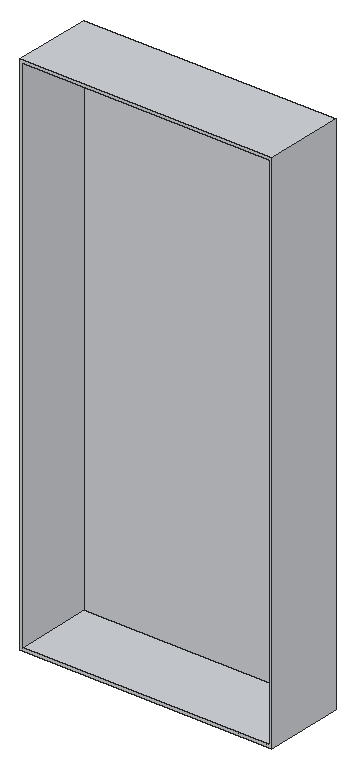
Revit family "Volta-IP30-Surface_mounted-empty-NoHosted-CH-en", category Electrical Equipment, Revit 2020
Family settings
  Panel Configuration = Two Columns, Circuits Across
  Round Connector Dimension = Use Diameter
  Part Type = Panelboard
  Work Plane-Based = Yes
  Always vertical = Yes
  Cut with Voids When Loaded = No
  Shared = No
  Room Calculation Point = No
Parameters (values of type "Surface mounted IP30 W305 H640 D96.5 12 Modular spacings - VA48MD")
  Width Control [instance] = if([HG000006 - Flush mounted], if([EF000846 - Built-in width] > min_whd, [EF000846 - Built-in width], min_whd), if([EF000008 - Width] > min_whd, ([EF000008 - Width]), min_whd))  # 305 mm
  Void Depth [instance] = if([EF000218 - Built-in depth] > 1 mm, [EF000218 - Built-in depth], 1 mm)  # 1 mm
  Type Comments = [HG000003 - Range]  # "Volta"
  System Height [instance] = Height Control - 2 * [HG000005 - Thickness]  # 634 mm
  Panel Name [instance] = ""  # (empty or 0)
  Offset [instance] = 0 mm
  Model = [HG000004 - Manufacturer reference]  # "VA48MD"
  Level Offset [instance] = [Flush Mounted - Door Frame Width] + Offset  # 0 mm
  HG000011 - Empty rows from bottom = no
  HG000005 - Thickness = 3 mm  # constant formula
  Description = ""
  Default Elevation = 1219.2 mm
  Arrow Offset [instance] = Depth Control / 8  # 12 mm
  Arrow Height [instance] = Depth Control - Arrow Offset  # 84 mm
  Host Offset [instance] = if([HG000006 - Flush mounted], 0 mm, [EF000049 - Depth])  # 96 mm
  min_whd [instance] = (2 * [HG000005 - Thickness]) + 1 mm  # 7 mm
  Manufacturer = "Hager"  # constant formula
  Height Control [instance] = if([HG000006 - Flush mounted], if([EF000332 - Built-in height] > min_whd, [EF000332 - Built-in height], min_whd), if([EF000040 - Height] > min_whd, ([EF000040 - Height]), min_whd))  # 640 mm
  HG000010 - Asymmetric doors = no
  HG000009 - Double swing door = no
  HG000008 - Number of empty rows = 0
  HG000007 - Number of empty columns = 0
  HG000006 - Flush mounted = no
  HG000004 - Manufacturer reference = "VA48MD"
  HG000003 - Range = "Volta"
  HG000002 - With door or cover = no
  HG000001 - Number of columns = 0
  Flush Mounted - Door Frame Width [instance] = if(([EF000040 - Height] - [EF000332 - Built-in height]) > 0 mm, if([HG000006 - Flush mounted], [EF000040 - Height] - [EF000332 - Built-in height], 0 mm), 0 mm)  # 0 mm
  EF015941 - Signal passing door = no
  EF015777 - Neutral terminal block = no
  EF015776 - Earthing terminal block = no
  EF009212 - Cover model = "EV009916 - With notch"
  EF006306 - With lock = no
  EF006244 - Transparent cover/door = no
  EF005474 - Degree of protection (IP) = "EV006410 - IP30"
  EF004462 - Type of closure = "0"
  EF002950 - Width in number of modular spacings = 12
  EF001596 - Material housing = "EV000154 - Other"
  EF001134 - DIN-rail = yes
  EF001131 - Internal depth = 92 mm
  EF001088 - Extension possible = yes
  EF001062 - EMC-version = no
  EF000846 - Built-in width = 0 mm
  EF000339 - Type of cover = "EV000494 - None"
  EF000332 - Built-in height = 0 mm
  EF000266 - Number of rows = 0
  EF000218 - Built-in depth = 0 mm
  EF000118 - With mounting plate = yes
  EF000116 - RAL-number = "9010"
  EF000049 - Depth = 96 mm
  EF000040 - Height = 640 mm
  EF000008 - Width = 305 mm
  EF000007 - Colour = "EV000202 - White"
  EF000003 - Mounting method = "EV000384 - Surface mounted (plaster)"
  Door_Right [instance] = yes
  Door_Left [instance] = not(Door_Right)  # no
  Door Swing Angle [instance] = 45.00°
  Door 3d Visibility [instance] = yes
  Depth Control [instance] = if([HG000006 - Flush mounted], if([EF000218 - Built-in depth] > 0 mm, [EF000218 - Built-in depth], 1 mm), if([EF000049 - Depth] > 0 mm, ([EF000049 - Depth]), 1 mm))  # 96 mm
  Clearance Visibility [instance] = no
Reference planes
  plane 1 "Center (Front/Back)": y = 0
  plane 2: z = 0
  plane 3 "Center (Left/Right)": x = 0
  plane 4: y = 3
  plane 5: y = 0
  plane 6: y = 0
  plane 7: z = 0
  plane 8: x = -152.5
  plane 9: x = 152.5
  plane 10: x = 149.5
  plane 11: x = -149.5
  plane 12: z = 0
  plane 13: z = 3
  plane 14: y = -91
  plane 15: y = -96
  plane 16: y = -3
  plane 17: z = 637
  plane 18: z = 640
  plane 19: z = 320
  plane 20: x = 2000
  plane 21: x = 0
  plane 22: y = -2100
  plane 23: y = -100
Forms (mm)
  Extrusion 1, solid
    sketch origin (-208.679, -4572, 0) x (-1, 0, 0) y (0, -1, 0)
      loop
        line (-56.179, -4476) -> (-361.179, -4476) -> (-361.179, -4572) -> (-56.179, -4572) -> (-56.179, -4476)
    from 0 to 640 <- "Height Control"
  Extrusion 2, void
    sketch origin (-350.771, -96, 1219.2) x (1, 0, 0) y (0, 0, 1)
      loop
        line (201.271, -582.2) -> (201.271, -1216.2) -> (500.271, -1216.2) -> (500.271, -582.2) -> (201.271, -582.2)
    from 0 to -93
  Extrusion 3, solid, detail levels coarse
    sketch origin (-350.771, -96, 1219.2) x (-1, 0, 0) y (0, 0, 1)
      loop
        line (-201.271, -582.2) -> (-500.271, -582.2) -> (-500.271, -1216.2) -> (-201.271, -1216.2) -> (-201.271, -582.2)
    from 0 to 3 <- "HG000005 - Thickness"
Cuts and joins
  Extrusion 2 cuts Extrusion 1
Dimensions and locks
  "Flush Mounted - Door Frame Width": plane 1 "Center (Front/Back)" to plane 6
  "HG000005 - Thickness": plane 4 to plane 6
  "HG000005 - Thickness": plane 8 to plane 11
  "HG000005 - Thickness": plane 9 to plane 10
  equal spacing: plane 8, plane 3 "Center (Left/Right)", plane 9
  "Width Control": plane 8 to plane 9
  locked: plane 14 to plane 15 at 5
  "Host Offset": plane 1 "Center (Front/Back)" to plane 15
  "Depth Control": plane 5 to plane 15
  "HG000005 - Thickness": plane 5 to plane 16
  "HG000005 - Thickness": plane 13 to plane 12
  "Level Offset": plane 12 to level
  "HG000005 - Thickness": plane 18 to plane 17
  "Height Control": plane 18 to plane 12
  "Arrow Offset": plane 5 to nested 4
  equal spacing: plane 18, plane 19, plane 12
  locked: connector elem to plane 19
  locked: connector elem to plane 3 "Center (Left/Right)"
  locked: plane 3 "Center (Left/Right)" to plane 20 at 2000
  locked: plane 21 to plane 20 at 2000
  locked: plane 23 to plane 22 at 2000
  aligned and locked: nested 1 to plane 14
  aligned and locked: plane 3 "Center (Left/Right)" to nested 1
  aligned and locked: plane 3 "Center (Left/Right)" to nested 2
  aligned and locked: nested 2 to plane 15
  aligned and locked: plane 5 to Extrusion 1
  aligned and locked: Extrusion 3 sketch curve to plane 17
  aligned and locked: Extrusion 3 sketch curve to plane 11
  aligned and locked: plane 13 to Extrusion 3 sketch curve
  aligned and locked: Extrusion 3 sketch curve to plane 10
  aligned and locked: plane 13 to Extrusion 2 sketch curve
  aligned and locked: Extrusion 2 sketch curve to plane 10
  aligned and locked: Extrusion 2 sketch curve to plane 17
  aligned and locked: Extrusion 2 sketch curve to plane 11
  aligned and locked: plane 16 to Extrusion 2
  aligned and locked: plane 5 to Extrusion 1 sketch curve
  aligned and locked: plane 9 to Extrusion 1 sketch curve
  aligned and locked: plane 8 to Extrusion 1 sketch curve
  aligned and locked: plane 8 to nested 4
  aligned and locked: plane 8 to nested 3
  aligned and locked: nested 3 to plane 5
  aligned and locked: Extrusion 1 sketch curve to plane 15
  aligned and locked: Extrusion 2 to plane 15
Nested families
  nested 1: "Hager_Enclosure_System" at (0, -91, 3), No_Columns <- "HG000001 - Number of columns", Flush_Mounted <- "HG000006 - Flush mounted", Width <- "EF000008 - Width", Height <- "System Height", Width_Control <- "Width Control", Row_Module_Multiplicator <- "EF002950 - Width in number of modular spacings", Empty_Columns <- "HG000007 - Number of empty columns", No_Rows <- "EF000266 - Number of rows", Built-in_Width <- "EF000846 - Built-in width", Border <- "HG000005 - Thickness", Total_No_Empty_Rows <- "HG000008 - Number of empty rows", Depth <- "HG000005 - Thickness", Empty_Rows_From_Bottom <- "HG000011 - Empty rows from bottom", type "Hager_Enclosure_System", detail levels medium+fine
    with Width_Control 305 mm, Width 305 mm, Total_No_Rows 0, Total_No_Empty_Rows 0, Total_No_Columns 1, System_Width 299 mm, Rows_Column 0, Row_Module_Multiplicator 12, Panel_4 no, Panel_3 no, Panel_2 no, Panel_1 no, No_Rows 0, No_Panels_Ctrl 1, No_Columns 0, Hide_Columns yes, Height 634 mm, Flush_Mounted no, Empty_Rows_From_Bottom no, Empty_Rows_Column 0, Empty_Columns 0, Depth 3 mm, Column_Width 299 mm, Built-in_Width 0 mm, Border 3 mm
  nested 2: "Hager_Enclosure_Door" at (0, -96, 0), Double <- "HG000009 - Double swing door", Height_Ctrl <- "Height Control", Transparent <- "EF006244 - Transparent cover/door", Depth <- "EF000049 - Depth", Height <- "EF000040 - Height", Angle <- "Door Swing Angle", Door_Right <- "Door_Right", Assymetrical <- "HG000010 - Asymmetric doors", Flush_Mounted <- "HG000006 - Flush mounted", BuiltIn_Depth <- "EF000218 - Built-in depth", BuiltIn_Width <- "EF000846 - Built-in width", Door <- "HG000002 - With door or cover", Width_Ctrl <- "Width Control", 3d_Door <- "Door 3d Visibility", Width <- "EF000008 - Width", Border <- "HG000005 - Thickness", BuiltIn_Height <- "EF000332 - Built-in height", Clearance <- "Clearance Visibility", Door_Left <- "Door_Left", type "Hager_Enclosure_Door", detail levels medium+fine
    with min_wh 7 mm, Width_Ctrl 305 mm, Width 305 mm, Transparent no, Leaf_Width 296 mm, Leaf_Tolerance 1.5 mm, Leaf_Height 631 mm, Leaf_2_Width 296 mm, Leaf_2_Offset 148 mm, Leaf_1_Width 296 mm, Leaf_1_Offset 148 mm, Height_Ctrl 640 mm, Height 640 mm, Frame_Width_Ctrl 305 mm, Frame_Width 305 mm, Frame_Internal_Offset 0 mm, Frame_Height_Ctrl 640 mm, Frame_Height 640 mm, Frame_Depth_Ctrl 1 mm, Frame_Depth 0 mm, Flush_Mounted no, Double_Clearance_Ctrl no, Double no, Door_Right_Ctrl no, Door_Right yes, Door_Left_Ctrl no, Door_Left no, Door no, Depth 96 mm, Clearance_Depth 296 mm, Clearance_Ctrl no, Clearance no, BuiltIn_Width 0 mm, BuiltIn_Height 0 mm, BuiltIn_Depth 0 mm, Border 3 mm, Assymetrical no, Angle 45.00°, 3d_Door yes
  nested 3: "Hager_Enclosure_Symbol_Triangle" at (-152.5, 0, 0), Depth <- "Depth Control", Width <- "Width Control", type "Hager_Enclosure_Symbol_Triangle"
    with Width_Ctrl 305 mm, Width 305 mm, Depth_Ctrl 96 mm, Depth 96 mm
  nested 4: "Hager_Enclosure_Symbol_Arrow" at (-152.5, -12, 0), Height <- "Arrow Height", type "Hager_Enclosure_Symbol_Arrow"
    with Width_Inside 6.3 mm, Width 75.6 mm, Height_Ctrl 84 mm, Height 84 mm
Connectors
  electrical at (0, 0, 320)
    settings: on plane 5, index 1, voltage 0 V, apparent load 0 VA, apparent load phase1 0 VA, apparent load phase2 0 VA, apparent load phase3 0 VA, power factor 1, load classification "Other", number of poles 1, system type 30, power factor state 1, is connector primary yes, connector utility no, sub classification motor no, connector description ""
Definition of nested family "Hager_Enclosure_Door"
  Parameters (values of type "Hager_Enclosure_Door")
    min_wh [instance] = (2 * Border) + 1 mm  # 11 mm
    Width_Ctrl [instance] = 400 mm
    Width [instance] = 500 mm
    Transparent [instance] = yes
    Leaf_Width [instance] = if((Width_Ctrl - 2 * Border - 2 * Leaf_Tolerance) > 0 mm, (Width_Ctrl - 2 * Border - 2 * Leaf_Tolerance), min_wh)  # 387 mm
    Leaf_Tolerance [instance] = 1.5 mm  # constant formula
    Leaf_Height [instance] = if((Height_Ctrl - 2 * Border - 2 * Leaf_Tolerance) > 0 mm, (Height_Ctrl - 2 * Border - 2 * Leaf_Tolerance), min_wh)  # 387 mm
    Leaf_2_Width [instance] = if(and(and(Double, Assymetrical), Door_Left), (Leaf_Width / 3) - (Leaf_Tolerance / 2), if(and(and(Double, Assymetrical), Door_Right), (Leaf_Width / 3) * 2 - (Leaf_Tolerance / 2), if(and(Double, not(Assymetrical)), (Leaf_Width / 2) - Leaf_Tolerance, Leaf_Width)))  # 192 mm
    Leaf_2_Offset [instance] = if(and(Double, Assymetrical), Leaf_2_Width / 2, if(and(Double, not(Assymetrical)), Leaf_Width / 4, Leaf_Width / 2))  # 96.75 mm
    Leaf_1_Width [instance] = if(and(and(Double, Assymetrical), Door_Right), (Leaf_Width / 3) - (Leaf_Tolerance / 2), if(and(and(Double, Assymetrical), Door_Left), (Width / 3) * 2 - (Leaf_Tolerance / 2), if(and(Double, not(Assymetrical)), (Leaf_Width / 2) - Leaf_Tolerance, Leaf_Width)))  # 192 mm
    Leaf_1_Offset [instance] = if(and(Double, Assymetrical), Leaf_1_Width / 2, if(and(Double, not(Assymetrical)), Leaf_Width / 4, Leaf_Width / 2))  # 96.75 mm
    Height_Ctrl [instance] = 400 mm
    Height [instance] = 500 mm
    Frame_Width_Ctrl [instance] = if(Frame_Width > 0 mm, Frame_Width, 1 mm)  # 1 mm
    Frame_Width [instance] = Width - BuiltIn_Width  # 0 mm
    Frame_Internal_Offset [instance] = if(Flush_Mounted, Border, 0 mm)  # 0 mm
    Frame_Height_Ctrl [instance] = if(Frame_Height > 0 mm, Frame_Height, 1 mm)  # 1 mm
    Frame_Height [instance] = Height - BuiltIn_Height  # 0 mm
    Frame_Depth_Ctrl [instance] = if(Frame_Depth > 0 mm, Frame_Depth, 1 mm)  # 1 mm
    Frame_Depth [instance] = if(Depth - BuiltIn_Depth > 0 mm, if(Flush_Mounted, Depth - BuiltIn_Depth, 0 mm), 0 mm)  # 0 mm
    Flush_Mounted [instance] = no
    Double_Clearance_Ctrl [instance] = and(Double, Clearance)  # yes
    Double [instance] = yes
    Door_Right_Ctrl [instance] = and(or(Door_Right, Double), Door)  # yes
    Door_Right [instance] = yes
    Door_Left_Ctrl [instance] = and(or(Door_Left, Double), Door)  # yes
    Door_Left [instance] = no
    Door [instance] = yes
    Depth [instance] = 500 mm
    Default Elevation = 1219.2 mm
    Clearance_Material = none
    Clearance_Depth [instance] = if(Leaf_1_Width > Leaf_2_Width, Leaf_1_Width, Leaf_2_Width)  # 192 mm
    Clearance_Ctrl [instance] = and(not(Double), Clearance)  # no
    Clearance [instance] = yes
    BuiltIn_Width [instance] = 500 mm
    BuiltIn_Height [instance] = 500 mm
    BuiltIn_Depth [instance] = 500 mm
    Border [instance] = 5 mm
    Assymetrical [instance] = no
    Angle [instance] = 65.00°
    3d_Door [instance] = yes
  Reference planes
    plane 1 "Center (Front/Back)": y = 0
    plane 2 "Bottom": z = 0
    plane 3 "Center (Left/Right)": x = 0
    plane 4: z = 400
    plane 5: x = -200
    plane 6: x = 200
    plane 7: z = 395
    plane 8: x = -195
    plane 9: z = 5
    plane 10: x = 195
    plane 11: y = 0
    plane 12: z = 6.5
    plane 13: x = -387
    plane 14: y = -192
    plane 15: x = 387
    plane 16: x = -96.75
    plane 17: x = 96.75
    plane 18: x = -193.5
    plane 19: x = 193.5
    plane 20: z = 393.5
  Forms (mm)
    Extrusion 1, solid, visible <- "Flush_Mounted"
      sketch origin (0, 0, 0) x (1, 0, 0) y (0, 0, 1)
        loop
          line (200, 0) -> (200, 400) -> (-200, 400) -> (-200, 0) -> (200, 0)
        loop
          line (-201, 401) -> (-201, -1) -> (201, -1) -> (201, 401) -> (-201, 401)
      from 0 to 1 <- "Frame_Depth_Ctrl"
    Extrusion 2, solid, material <- "Clearance_Material", visible <- "Double_Clearance_Ctrl"
      sketch origin (1200, 0, 0) x (1, 0, 0) y (0, 0, -1)
        loop
          line (-1587, -393.5) -> (-813, -393.5) -> (-813, 0) -> (-1587, 0) -> (-1587, -393.5)
      from 0 to -192
  Dimensions and locks
    equal spacing: plane 5, plane 3 "Center (Left/Right)", plane 6
    "Width_Ctrl": plane 5 to plane 6
    "Border": plane 5 to plane 8
    "Border": plane 6 to plane 10
    "Border": plane 9 to level
    "Border": plane 4 to plane 7
    "Height_Ctrl": plane 4 to level
    "Leaf_Tolerance": plane 12 to plane 9
    "Frame_Depth": plane 11 to plane 1 "Center (Front/Back)"
    "Frame_Width_Ctrl": plane 5 to Extrusion 1 sketch curve
    "Frame_Width_Ctrl": plane 6 to Extrusion 1 sketch curve
    "Frame_Width_Ctrl": Extrusion 1 sketch curve to plane 4
    "Frame_Width_Ctrl": plane 2 "Bottom" to Extrusion 1 sketch curve
    "Leaf_1_Offset": plane 18 to plane 16
    "Leaf_2_Offset": plane 17 to plane 19
    "Leaf_1_Width": plane 13 to plane 8
    "Leaf_2_Width": plane 10 to plane 15
    "Clearance_Depth": plane 14 to plane 1 "Center (Front/Back)"
    "Leaf_Tolerance": plane 8 to plane 18
    "Leaf_Tolerance": plane 19 to plane 10
    "Leaf_Tolerance": plane 7 to plane 20
    "Frame_Internal_Offset": plane 5 to Extrusion 1 sketch curve
    "Frame_Internal_Offset": Extrusion 1 sketch curve to plane 2 "Bottom"
    "Frame_Internal_Offset": plane 6 to Extrusion 1 sketch curve
    "Frame_Internal_Offset": plane 4 to Extrusion 1 sketch curve
    aligned and locked: level to plane 2 "Bottom"
    aligned and locked: nested 1 to plane 16
    aligned and locked: nested 2 to plane 17
    aligned and locked: Extrusion 2 to plane 13
    aligned and locked: plane 15 to Extrusion 2
    aligned and locked: Extrusion 2 to plane 14
    aligned and locked: plane 12 to nested 1
    aligned and locked: nested 2 to plane 12
    aligned and locked: Extrusion 2 to plane 11
    aligned and locked: plane 20 to Extrusion 2
    aligned and locked: nested 2 to plane 11
    aligned and locked: nested 1 to plane 11
  Automatic sketch dimensions
    Extrusion 2 sketch curve to level = 0 mm
    plane 5 to Extrusion 2 sketch curve = 187 mm
    plane 6 to Extrusion 2 sketch curve = 187 mm
    Extrusion 2 sketch curve to plane 4 = 6.5 mm
  Nested families
    nested 1: "Hager_Enclosure_Door_Leaf" at (-96.75, 0, 6.5), Width <- "Leaf_1_Width", visible <- "Door_Left_Ctrl", Leaf_Height <- "Leaf_Height", Angle <- "Angle", Depth <- "Border", 3d_Door <- "3d_Door", Transparent <- "Transparent", Clearance Material <- "Clearance_Material", Clearance <- "Clearance_Ctrl", type "Hager_Enclosure_Door_Leaf"
      with Width 192 mm, Transparent_Door_Border 25 mm, Transparent_Ctrl yes, Transparent yes, Standard no, Leaf_Height 387 mm, Glass_Offset 1 mm, Depth 5 mm, Clearance Material none, Clearance no, Angle_Ctrl 65.00°, Angle 65.00°, 3d_Door yes
    nested 2: "Hager_Enclosure_Door_Leaf" at (96.75, 0, 6.5) x (-1, 0, 0) z (0, 0, 1), Width <- "Leaf_2_Width", visible <- "Door_Right_Ctrl", Leaf_Height <- "Leaf_Height", Angle <- "Angle", Depth <- "Border", 3d_Door <- "3d_Door", Transparent <- "Transparent", Clearance Material <- "Clearance_Material", Clearance <- "Clearance_Ctrl", type "Hager_Enclosure_Door_Leaf"
      with Width 192 mm, Transparent_Door_Border 25 mm, Transparent_Ctrl yes, Transparent yes, Standard no, Leaf_Height 387 mm, Glass_Offset 1 mm, Depth 5 mm, Clearance Material none, Clearance no, Angle_Ctrl 65.00°, Angle 65.00°, 3d_Door yes
  Definition of nested family "Hager_Enclosure_Door_Leaf"
    Parameters (values of type "Hager_Enclosure_Door_Leaf")
      Width [instance] = 200 mm
      Transparent_Door_Border [instance] = 25 mm  # constant formula
      Transparent_Ctrl [instance] = and(Transparent, [3d_Door])  # yes
      Transparent [instance] = yes
      Standard [instance] = and(not(Transparent), [3d_Door])  # no
      Leaf_Height [instance] = 500 mm
      Glass_Offset [instance] = if((Depth - 10 mm) / 2 > 0 mm, (Depth - 10 mm) / 2, 1 mm)  # 1 mm
      Glass_Material = none
      Depth [instance] = 3 mm
      Default Elevation = 0 mm
      Clearance Material [instance] = none
      Clearance [instance] = no
      Angle_Ctrl [instance] = if(Angle > 170.00°, 170.00°, Angle)  # 163.00°
      Angle [instance] = 163.00°
      3d_Door [instance] = yes
    Reference planes
      plane 1 "Center (Front/Back)": y = 0
      plane 2: z = 0
      plane 3 "Center (Left/Right)": x = 0
      plane 4: y = 200
      plane 5: x = -100
      plane 6: x = 100
      plane 7: x = -300
      plane 8: z = 500
      plane 9: z = 25
      plane 10: z = 475
      plane 11: x = 75
      plane 12: x = -75
    Forms (mm)
      Extrusion 1, solid, material <- "Clearance Material", visible <- "Clearance"
        sketch origin (0, 0, 0) x (1, 0, 0) y (0, 0, 1)
          loop
            line (-300, 500) -> (-300, 0) -> (100, 0) -> (100, 500) -> (-300, 500)
        from 0 to -200
      Extrusion 2, solid, visible <- "Standard", detail levels fine
        sketch origin (-100, 0, 0) x (-0.956305, 0.292372, 0) y (-0.292372, -0.956305, 0)
          loop
            line (0, -3) -> (200, -3) -> (200, 0) -> (0, 0) -> (0, -3)
        from 0 to 500 <- "Leaf_Height"
      Extrusion 3, solid, visible <- "Transparent_Ctrl", detail levels fine
        sketch origin (-100, 0, 0) x (-0.956305, 0.292372, 0) y (-0.292372, -0.956305, 0)
          loop
            line (0, -3) -> (200, -3) -> (200, 0) -> (0, 0) -> (0, -3)
        from 0 to 500 <- "Leaf_Height"
      Extrusion 4, void, detail levels fine
        sketch origin (-100, 0, 0) x (-0.292372, -0.956305, 0) y (-0.956305, 0.292372, 0)
          loop
            line (0, 25) -> (0, 175) -> (-3, 175) -> (-3, 25) -> (0, 25)
        from -475 to -25
      Extrusion 5, solid, material <- "Glass_Material", visible <- "Transparent_Ctrl", detail levels fine
        sketch origin (-100, 0, 0) x (-0.956305, 0.292372, 0) y (-0.292372, -0.956305, 0)
          loop
            line (25, -1) -> (25, -2) -> (175, -2) -> (175, -1) -> (25, -1)
        from 25 to 475
    Cuts and joins
      Extrusion 4 cuts Extrusion 3
    Lines and regions (mm)
      symbolic lines
        curve 1: line (100, 0, 0) -> (-300, 0, 0)
        curve 2: arc (100, 0, 0) -> (-100, 200, 0) -> (-300, 0, 0) r 200
        curve 4: line (-100, 0, 0) -> (-291.261, 58.474, 0)
      reference lines
        curve 3: line (-100, 0, 0) -> (-291.261, 58.474, 0)
      symbolic lines, detail levels medium+fine
        curve 5: line (-291.261, 58.474, 0) -> (-290.384, 61.343, 0)
        curve 6: line (-290.384, 61.343, 0) -> (-99.123, 2.869, 0)
        curve 7: line (-99.123, 2.869, 0) -> (-100, 0, 0)
      symbolic lines, detail levels fine
        curve 8: line (-100, 0, 500) -> (100, 0, 500)
        curve 9: line (-100, 0, 0) -> (-100, 0, 500)
        curve 10: line (100, 0, 0) -> (-100, 0, 0)
        curve 11: line (100, 0, 500) -> (100, 0, 0)
      symbolic lines, visible <- "Transparent_Ctrl", detail levels fine
        curve 12: line (-75, 0, 475) -> (75, 0, 475)
        curve 13: line (-75, 0, 25) -> (-75, 0, 475)
        curve 14: line (75, 0, 25) -> (-75, 0, 25)
        curve 15: line (75, 0, 475) -> (75, 0, 25)
    Dimensions and locks
      "Width": plane 1 "Center (Front/Back)" to plane 4
      equal spacing: plane 5, plane 3 "Center (Left/Right)", plane 6
      "Width": plane 5 to plane 6
      "Width": plane 7 to plane 5
      "Leaf_Height": plane 8 to level
      "Depth": curve 6 to curve 3
      "Width": curve 5 to curve 3
      "Width": curve 3 to curve 3
      "Transparent_Door_Border": Extrusion 4 sketch curve to curve 7
      "Transparent_Door_Border": Extrusion 4 sketch curve to curve 5
      "Transparent_Door_Border": plane 8 to plane 10
      "Transparent_Door_Border": plane 9 to level
      "Glass_Offset": Extrusion 5 sketch curve to curve 4
      "Glass_Offset": Extrusion 5 sketch curve to curve 6
      "Transparent_Door_Border": Extrusion 5 sketch curve to curve 5
      "Transparent_Door_Border": Extrusion 5 sketch curve to curve 7
      "Transparent_Door_Border": plane 12 to plane 5
      "Transparent_Door_Border": plane 6 to plane 11
      "Angle_Ctrl": angle plane 1 "Center (Front/Back)" to curve 3
      aligned and locked: level to plane 2
      aligned and locked: Extrusion 1 to curve 1
      aligned and locked: plane 6 to Extrusion 1
      aligned and locked: plane 1 "Center (Front/Back)" to Extrusion 1
      aligned and locked: plane 4 to Extrusion 1
      aligned and locked: plane 8 to Extrusion 1
      aligned and locked: curve 4 to curve 3
      aligned and locked: Extrusion 2 sketch curve to curve 7
      aligned and locked: Extrusion 2 sketch curve to curve 6
      aligned and locked: Extrusion 2 sketch curve to curve 5
      aligned and locked: Extrusion 2 sketch curve to curve 3
      aligned and locked: curve 7 to Extrusion 3 sketch curve
      aligned and locked: Extrusion 3 sketch curve to curve 4
      aligned and locked: Extrusion 3 sketch curve to curve 6
      aligned and locked: Extrusion 3 sketch curve to curve 5
      aligned and locked: curve 4 to Extrusion 4 sketch curve
      aligned and locked: curve 6 to Extrusion 4 sketch curve
      aligned and locked: Extrusion 4 to plane 9
      aligned and locked: Extrusion 4 to plane 10
      aligned and locked: Extrusion 5 to plane 9
      aligned and locked: Extrusion 5 to plane 10
      aligned and locked: curve 8 to plane 8
      aligned and locked: plane 5 to curve 9
      aligned and locked: plane 2 to curve 10
      aligned and locked: curve 11 to plane 6
      aligned and locked: plane 10 to curve 12
      aligned and locked: plane 12 to curve 13
      aligned and locked: plane 9 to curve 14
      aligned and locked: plane 11 to curve 15
    Automatic sketch dimensions
      plane 1 "Center (Front/Back)" to curve 2 = 0 mm
      curve 2 to plane 5 = 0 mm
      Extrusion 1 sketch curve to level = 0 mm
      Extrusion 1 sketch curve to plane 7 = 0 mm
      Extrusion 1 sketch curve to plane 6 = 0 mm
      Extrusion 1 sketch curve to plane 8 = 0 mm
      plane 1 "Center (Front/Back)" to curve 3 = 0 mm
      curve 3 to plane 5 = 0 mm
      curve 7 to curve 3 = 0 mm
Definition of nested family "Hager_Enclosure_Symbol_Triangle"
  Parameters (values of type "Hager_Enclosure_Symbol_Triangle")
    Width_Ctrl [instance] = if(Width > 1 mm, Width, 1 mm)  # 498 mm
    Width [instance] = 498 mm
    Depth_Ctrl [instance] = if(Depth > 1 mm, Depth, 1 mm)  # 72 mm
    Depth [instance] = 72 mm
  Reference planes
    plane 1 "Centre (avant/arrière)": y = 0
    plane 2: z = 0
    plane 3 "Centre (gauche/droite)": x = 0
  Lines and regions (mm)
    Filled region 1, type "Solid_Black", in view "Niveau de réf."
      outline origin (0, 0, 0) x (1, 0, 0) y (0, 1, 0)
        loop
          line (0, 0) -> (498, 0) -> (498, 72) -> (0, 0)
    reference lines, in view "Niveau de réf."
      curve 1: line (-206.153, 72, 0) -> (1083.258, 72, 0)
      curve 2: line (498, 405.456, 0) -> (498, -517.619, 0)
  Dimensions and locks
    "Depth_Ctrl": plane 1 "Centre (avant/arrière)" to curve 1
    "Width_Ctrl": plane 3 "Centre (gauche/droite)" to curve 2
    aligned and locked: curve 1 to Filled region 1 sketch curve
    aligned and locked: Filled region 1 sketch curve to plane 1 "Centre (avant/arrière)"
    aligned and locked: curve 2 to Filled region 1 sketch curve
    aligned and locked: plane 3 "Centre (gauche/droite)" to Filled region 1 sketch curve
    aligned and locked: plane 1 "Centre (avant/arrière)" to Filled region 1 sketch curve
  Automatic sketch dimensions
    curve 1 to plane 3 "Centre (gauche/droite)" = 206.153 mm
    curve 2 to curve 1 = 585.258 mm
    plane 1 "Centre (avant/arrière)" to curve 2 = 517.619 mm
    curve 2 to plane 1 "Centre (avant/arrière)" = 405.456 mm
Definition of nested family "Hager_Enclosure_Symbol_Arrow"
  Parameters (values of type "Hager_Enclosure_Symbol_Arrow")
    Width_Inside [instance] = if(Width / 12 > 2 mm, Width / 12, 2 mm)  # 4.987 mm
    Width [instance] = if(Height_Ctrl * 0.9 > 2 mm, Height_Ctrl * 0.9, 2 mm)  # 59.85 mm
    Height_Ctrl [instance] = if(Height > 2 mm, Height, 2 mm)  # 66.5 mm
    Height [instance] = 66.5 mm
  Reference planes
    plane 1 "Centre (avant/arrière)": y = 0
    plane 2: z = 0
    plane 3 "Centre (gauche/droite)": x = 0
    plane 4: x = 59.85
    plane 5: y = 28.263
    plane 6: y = 38.238
    plane 7: y = 66.5
    plane 8: x = 29.925
    plane 9: y = 33.25
  Lines and regions (mm)
    Filled region 1, type "Solid_Black", in view "Niveau de réf."
      outline origin (0, 0, 0) x (1, 0, 0) y (0, 1, 0)
        loop
          line (59.85, 66.5) -> (37.929, 52.827) -> (51.846, 41.935) -> (59.85, 66.5)
    detail lines, in view "Niveau de réf."
      curve 1: line (0, 0, 0) -> (29.925, 38.238, 0)
      curve 2: line (29.925, 38.238, 0) -> (29.925, 28.263, 0)
      curve 3: line (29.925, 28.263, 0) -> (59.85, 66.5, 0)
  Dimensions and locks
    "Width": plane 3 "Centre (gauche/droite)" to plane 4
    "Height_Ctrl": plane 7 to plane 1 "Centre (avant/arrière)"
    equal spacing: plane 3 "Centre (gauche/droite)", plane 8, plane 4
    equal spacing: plane 7, plane 9, plane 1 "Centre (avant/arrière)"
    equal spacing: plane 6, plane 9, plane 5
    "Width_Inside": plane 6 to plane 9
    equal spacing: curve 3, Filled region 1 sketch curve, Filled region 1 sketch curve
    angle Filled region 1 sketch curve to curve 3 = 20.00°
    angle curve 3 to Filled region 1 sketch curve = 20.00°
    locked: curve 3 to Filled region 1 sketch curve (angle 90.00°)
  Automatic sketch dimensions
    plane 1 "Centre (avant/arrière)" to curve 1 = 0 mm
    curve 1 to plane 3 "Centre (gauche/droite)" = 0 mm
    curve 2 to plane 6 = 0 mm
    curve 3 to plane 8 = 0 mm
    curve 3 to plane 4 = 0 mm
    curve 2 to plane 5 = 0 mm
    curve 3 to plane 7 = 0 mm
    Filled region 1 sketch curve to plane 4 = 0 mm
    Filled region 1 sketch curve to plane 7 = 0 mm
